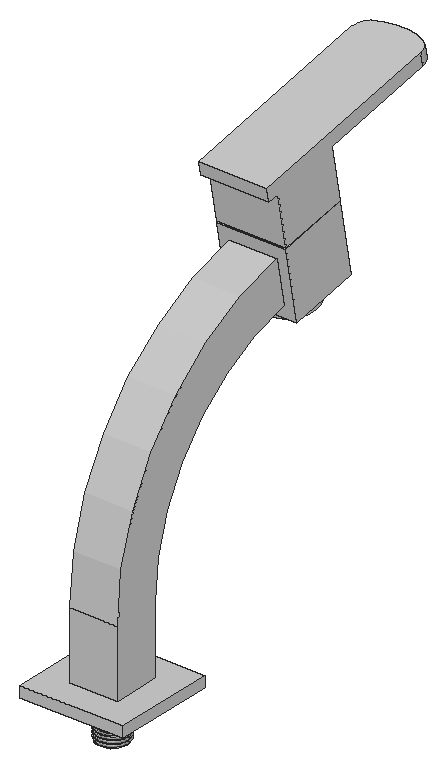
Revit family "SG0086973061CW", category Aparatos sanitarios, Revit 2019
Family settings
  Cota de conector redondo = Diámetro de uso
  Tipo de pieza = Normal
  Número OmniClass = 23.45.00.00
  Título OmniClass = Sanitary, Laundry, and Cleaning Equipment
  Se basa en plano de trabajo = No
  Siempre vertical = Sí
  Corte con vacíos al cargar = No
  Compartido = No
  Punto de cálculo de habitación = No
Parameters (values of type "LIVORNO LLAVE PARA LAVAMANOS MANILLA TOP")
  Ø sanitario = 15 mm
  _EDESA_Revisado = "Calidad.Planos@edesa.com.ec"
  _EDESA_ Tolerancia dimensional = ""
  _EDESA_ Tipo de instalación = "Sobre lavamanos"
  _EDESA_ Tipo = "simple"
  _EDESA_ Sku/código = "SG0086973061CW"
  _EDESA_ Profundidad en cm = "195"
  _EDESA_ Productos necesarios para instalación = "Desagüe 1 1/4\", Sifón 1 1/4\", Llave Angular y Manguera Flexible"
  _EDESA_ Productos incluídos = ""
  _EDESA_ Presión del agua recomendada = "60 psi"
  _EDESA_ Peso en kg = 0.00 kg
  _EDESA_ Nombre = "LIVORNO LLAVE PARA LAVAMANOS MANILLA TOP"
  _EDESA_ Materiales = "Latón"
  _EDESA_ Marca = "BRIGGS"
  _EDESA_ Manual de Instalación = "https://www.briggs.com.ec/productos/instructivos/Briggs/Griferia/Llave_agua_fria_lavamanos_generico.pdf"
  _EDESA_ Garantía = "De por vida para el cuerpo principal y acabado en cromo (306)"
  _EDESA_ Ficha Técnica = "https://www.briggs.com.ec/productos/fichastecnicaspdf/Briggs/Griferia/Livorno_llave_lavamanos_top.pdf"
  _EDESA_ Descripción = "Llave de lavamanos para agua fría. Instalación sobre lavamanos."
  _EDESA_ Cumple normativa ADA = "Cumple con norma NTE - INEN 3123 basada en la norma ASME 112.18.1 - 2012."
  _EDESA_ Contacto comercial = "(02) 395 2900"
  _EDESA_ Consumo/capacidad de agua en L = ""
  _EDESA_ Consumo de agua = "8.3 litros por minuto / 2.2 gpm a 60 psi"
  _EDESA_ Conexión hidráulica = "Entrada de agua: tubería ø 1/2\"- Salida de agua: tubería PVC 50"
  _EDESA_ Color = "cromo"
  _EDESA_ Certificación = "Cumple con norma NTE - INEN 3123 basada en la norma ASME 112.18.1 - 2012."
  _EDESA_ Categoría = "Productos > Grifería > Lavamanos"
  _EDESA_ BIM Manager = "Ing. Evelyn Gavilanez"
  _EDESA_ Autor BIM = "http://www1.veraquintana.net/_sitevq/"
  _EDESA_ Ancho en cm = 480 mm
  _EDESA_ Alto en cm = 197 mm
  Uniformat II Description = ""
  Omniclass Code = ""
  Cromo = Cromo
Reference planes
  plane 1 "Centro (Frontal/Posterior)": y = 0
  plane 2: z = 0
  plane 3 "Centro (Izquierda/Derecha)": x = 0
  plane 4 "x": y = 0
  plane 5 "y": x = 0
  plane 6: through (4267.2, 119.717, 333) normal (0, -0.342, 0.9397)
  plane 7: through (4267.2, 121.769, 327.362) normal (0, -0.342, 0.9397)
  plane 8: through (4267.2, 71.121, 179.405) normal (0, 0.9816, 0.1908)
  plane 9: through (4267.2, 174.054, 173.945) normal (0, -0.9816, -0.1908)
Forms (mm)
  Extrusion 1, solid, material "Cromo" <- "Cromo"
    sketch origin (0, 0, 0) x (1, 0, 0) y (0, 1, 0)
      loop
        line (-24, 24) -> (-24, -24) -> (24, -24) -> (24, 24) -> (-24, 24)
    from 0 to 5.021
  Extrusion 2, solid, material "Cromo" <- "Cromo"
    sketch origin (2, 103.088, 41.154) x (1, 0, 0) y (0, 0.190809, -0.981627)
      loop
        line (14, -116.028) -> (14, -82.028) -> (-18, -82.028) -> (-18, -116.028) -> (14, -116.028)
    from 0 to 32
  Extrusion 3, solid, material "Cromo" <- "Cromo"
    sketch origin (10.752, 132.193, 54.945) x (1, 0, 0) y (0, 0.190809, -0.981627)
      loop
        line (-26.672, -108.827) -> (-26.672, -137.827) -> (5.328, -137.827) -> (5.328, -108.827) -> (-26.672, -108.827)
    from -31.201 to 0.799
  Extrusion 4, solid, material "Cromo" <- "Cromo"
    sketch origin (1.6, 135.215, 43.584) x (1, 0, 0) y (0, 0.190809, -0.981627)
      loop
        line (-14.217, -119.773) -> (-14.217, -120.573) -> (12.092, -120.573) -> (12.092, -119.773) -> (-14.217, -119.773)
    from -31.584 to -0.799
  Extrusion 5, solid, material "Cromo" <- "Cromo"
    sketch origin (-10.919, 105.894, 190.239) x (-1, 0, 0) y (0, -0.981627, -0.190809)
      loop
        line (5, -55.152) -> (5, 36.201) -> (-27, 36.201) -> (-27, -55.148)
        arc (-27, -55.148) -> (-25.974, -58.71) -> (-23.212, -61.182) r 6.7
        arc (-23.212, -61.182) -> (-10.997, -63.975) -> (1.216, -61.18) r 28.1
        arc (1.216, -61.18) -> (3.976, -58.711) -> (5, -55.152) r 6.694
    from -4 to 2
  Extrusion 6, solid, material "Cromo" <- "Cromo"
    sketch origin (0, 0, 0) x (1, 0, 0) y (0, 1, 0)
      loop
        circle (0, 0) r 8
    from -5 to 0
  Extrusion 7, void
    sketch origin (0, 0, 0) x (1, 0, 0) y (0, 1, 0)
      loop
        line (-3.753, 6.5) -> (-7.506, 0) -> (-3.753, -6.5) -> (3.753, -6.5) -> (7.506, 0) -> (3.753, 6.5) -> (-3.753, 6.5)
      loop
        line (-5.233, 9.064) -> (-10.466, 0) -> (-5.233, -9.064) -> (5.233, -9.064) -> (10.466, 0) -> (5.233, 9.064) -> (-5.233, 9.064)
    from -5 to 0
  Revolve 8, solid, material "Cromo" <- "Cromo"
    sketch origin (0, 0, 0) x (1, 0, 0) y (0, 0, 1)
      loop
        line (0, -5) -> (-7.041, -5)
        arc (-7.041, -5) -> (-7.441, -5.4) -> (-7.041, -5.8) r 0.4
        line (-7.041, -5.8) -> (-7.041, -6.6)
        arc (-7.041, -6.6) -> (-7.441, -7) -> (-7.041, -7.4) r 0.4
        line (-7.041, -7.4) -> (-7.041, -8.2)
        arc (-7.041, -8.2) -> (-7.441, -8.6) -> (-7.041, -9) r 0.4
        line (-7.041, -9) -> (-7.041, -9.8)
        arc (-7.041, -9.8) -> (-7.441, -10.2) -> (-7.041, -10.6) r 0.4
        line (-7.041, -10.6) -> (-7.041, -11.4)
        arc (-7.041, -11.4) -> (-7.441, -11.8) -> (-7.041, -12.2) r 0.4
        line (-7.041, -12.2) -> (-7.041, -13)
        arc (-7.041, -13) -> (-7.441, -13.4) -> (-7.041, -13.8) r 0.4
        line (-7.041, -13.8) -> (-7.041, -14.6)
        arc (-7.041, -14.6) -> (-7.441, -15) -> (-7.041, -15.4) r 0.4
        line (-7.041, -15.4) -> (-7.041, -16.2)
        arc (-7.041, -16.2) -> (-7.441, -16.6) -> (-7.041, -17) r 0.4
        line (-7.041, -17) -> (-7.041, -17.8)
        arc (-7.041, -17.8) -> (-7.441, -18.2) -> (-7.041, -18.6) r 0.4
        line (-7.041, -18.6) -> (-7.041, -19.4) -> (0, -19.4) -> (0, -5)
      axis (0, -5) -> (0, -19.4)
    angle from 0 to 360
  Extrusion 9, solid, material "Cromo" <- "Cromo"
    sketch origin (0.017, 101.355, 119.083) x (-1, 0, 0) y (0, 0.981627, 0.190809)
      loop
        circle (-0.809, 4.023) r 0.8
    from 0 to 0.2
  Extrusion 10, solid, material "Cromo" <- "Cromo"
    sketch origin (0.017, 101.355, 119.083) x (-1, 0, 0) y (0, 0.981627, 0.190809)
      loop
        circle (0.143, 2.348) r 0.8
    from 0 to 0.2
  Extrusion 11, solid, material "Cromo" <- "Cromo"
    sketch origin (0.017, 101.355, 119.083) x (-1, 0, 0) y (0, 0.981627, 0.190809)
      loop
        circle (-2.736, 2.928) r 0.8
    from 0 to 0.2
  Extrusion 12, solid, material "Cromo" <- "Cromo"
    sketch origin (0.017, 101.355, 119.083) x (-1, 0, 0) y (0, 0.981627, 0.190809)
      loop
        circle (-1.784, 1.253) r 0.8
    from 0 to 0.2
  Extrusion 13, solid, material "Cromo" <- "Cromo"
    sketch origin (0.017, 101.355, 119.083) x (-1, 0, 0) y (0, 0.981627, 0.190809)
      loop
        circle (-4.639, 1.846) r 0.8
    from 0 to 0.2
  Extrusion 14, solid, material "Cromo" <- "Cromo"
    sketch origin (0.017, 101.355, 119.083) x (-1, 0, 0) y (0, 0.981627, 0.190809)
      loop
        circle (-3.687, 0.171) r 0.8
    from 0 to 0.2
  Extrusion 15, solid, material "Cromo" <- "Cromo"
    sketch origin (0.017, 101.355, 119.083) x (-1, 0, 0) y (0, 0.981627, 0.190809)
      loop
        circle (-6.433, 0.827) r 0.8
    from 0 to 0.2
  Extrusion 16, solid, material "Cromo" <- "Cromo"
    sketch origin (0.017, 101.355, 119.083) x (-1, 0, 0) y (0, 0.981627, 0.190809)
      loop
        circle (-5.481, -0.848) r 0.8
    from 0 to 0.2
  Extrusion 17, solid, material "Cromo" <- "Cromo"
    sketch origin (0.017, 101.355, 119.083) x (-1, 0, 0) y (0, 0.981627, 0.190809)
      loop
        circle (-8.263, -0.213) r 0.8
    from 0 to 0.2
  Extrusion 18, solid, material "Cromo" <- "Cromo"
    sketch origin (0.017, 101.355, 119.083) x (-1, 0, 0) y (0, 0.981627, 0.190809)
      loop
        circle (-7.311, -1.888) r 0.8
    from 0 to 0.2
  Extrusion 19, solid, material "Cromo" <- "Cromo"
    sketch origin (0.017, 101.355, 119.083) x (-1, 0, 0) y (0, 0.981627, 0.190809)
      loop
        circle (1.071, 5.092) r 0.8
    from 0 to 0.2
  Extrusion 20, solid, material "Cromo" <- "Cromo"
    sketch origin (0.017, 101.355, 119.083) x (-1, 0, 0) y (0, 0.981627, 0.190809)
      loop
        circle (2.023, 3.417) r 0.8
    from 0 to 0.2
  Extrusion 21, solid, material "Cromo" <- "Cromo"
    sketch origin (0.017, 101.355, 119.083) x (-1, 0, 0) y (0, 0.981627, 0.190809)
      loop
        circle (2.975, 6.174) r 0.8
    from 0 to 0.2
  Extrusion 22, solid, material "Cromo" <- "Cromo"
    sketch origin (0.017, 101.355, 119.083) x (-1, 0, 0) y (0, 0.981627, 0.190809)
      loop
        circle (3.927, 4.499) r 0.8
    from 0 to 0.2
  Extrusion 23, solid, material "Cromo" <- "Cromo"
    sketch origin (0.017, 101.355, 119.083) x (-1, 0, 0) y (0, 0.981627, 0.190809)
      loop
        circle (4.842, 7.235) r 0.8
    from 0 to 0.2
  Extrusion 24, solid, material "Cromo" <- "Cromo"
    sketch origin (0.017, 101.355, 119.083) x (-1, 0, 0) y (0, 0.981627, 0.190809)
      loop
        circle (5.794, 5.56) r 0.8
    from 0 to 0.2
  Extrusion 25, solid, material "Cromo" <- "Cromo"
    sketch origin (0.017, 101.355, 119.083) x (-1, 0, 0) y (0, 0.981627, 0.190809)
      loop
        circle (6.745, 8.317) r 0.8
    from 0 to 0.2
  Extrusion 26, solid, material "Cromo" <- "Cromo"
    sketch origin (0.017, 101.355, 119.083) x (-1, 0, 0) y (0, 0.981627, 0.190809)
      loop
        circle (7.697, 6.642) r 0.8
    from 0 to 0.2
  Extrusion 27, solid, material "Cromo" <- "Cromo"
    sketch origin (0.017, 101.355, 119.083) x (-1, 0, 0) y (0, 0.981627, 0.190809)
      loop
        circle (-2.731, 7.405) r 0.8
    from 0 to 0.2
  Extrusion 28, solid, material "Cromo" <- "Cromo"
    sketch origin (0.017, 101.355, 119.083) x (-1, 0, 0) y (0, 0.981627, 0.190809)
      loop
        circle (-1.779, 5.729) r 0.8
    from 0 to 0.2
  Extrusion 29, solid, material "Cromo" <- "Cromo"
    sketch origin (0.017, 101.355, 119.083) x (-1, 0, 0) y (0, 0.981627, 0.190809)
      loop
        circle (-4.657, 6.31) r 0.8
    from 0 to 0.2
  Extrusion 30, solid, material "Cromo" <- "Cromo"
    sketch origin (0.017, 101.355, 119.083) x (-1, 0, 0) y (0, 0.981627, 0.190809)
      loop
        circle (-3.705, 4.635) r 0.8
    from 0 to 0.2
  Extrusion 31, solid, material "Cromo" <- "Cromo"
    sketch origin (0.017, 101.355, 119.083) x (-1, 0, 0) y (0, 0.981627, 0.190809)
      loop
        circle (-6.561, 5.228) r 0.8
    from 0 to 0.2
  Extrusion 32, solid, material "Cromo" <- "Cromo"
    sketch origin (0.017, 101.355, 119.083) x (-1, 0, 0) y (0, 0.981627, 0.190809)
      loop
        circle (-5.609, 3.553) r 0.8
    from 0 to 0.2
  Extrusion 33, solid, material "Cromo" <- "Cromo"
    sketch origin (0.017, 101.355, 119.083) x (-1, 0, 0) y (0, 0.981627, 0.190809)
      loop
        circle (-8.355, 4.208) r 0.8
    from 0 to 0.2
  Extrusion 34, solid, material "Cromo" <- "Cromo"
    sketch origin (0.017, 101.355, 119.083) x (-1, 0, 0) y (0, 0.981627, 0.190809)
      loop
        circle (-7.403, 2.533) r 0.8
    from 0 to 0.2
  Extrusion 35, solid, material "Cromo" <- "Cromo"
    sketch origin (0.017, 101.355, 119.083) x (-1, 0, 0) y (0, 0.981627, 0.190809)
      loop
        circle (-9.913, 3.323) r 0.8
    from 0 to 0.2
  Extrusion 36, solid, material "Cromo" <- "Cromo"
    sketch origin (0.017, 101.355, 119.083) x (-1, 0, 0) y (0, 0.981627, 0.190809)
      loop
        circle (-9.233, 1.493) r 0.8
    from 0 to 0.2
  Extrusion 37, solid, material "Cromo" <- "Cromo"
    sketch origin (0.017, 101.355, 119.083) x (-1, 0, 0) y (0, 0.981627, 0.190809)
      loop
        circle (-0.85, 8.473) r 0.8
    from 0 to 0.2
  Extrusion 38, solid, material "Cromo" <- "Cromo"
    sketch origin (0.017, 101.355, 119.083) x (-1, 0, 0) y (0, 0.981627, 0.190809)
      loop
        circle (0.102, 6.798) r 0.8
    from 0 to 0.2
  Extrusion 39, solid, material "Cromo" <- "Cromo"
    sketch origin (0.017, 101.355, 119.083) x (-1, 0, 0) y (0, 0.981627, 0.190809)
      loop
        circle (1.053, 9.555) r 0.8
    from 0 to 0.2
  Extrusion 40, solid, material "Cromo" <- "Cromo"
    sketch origin (0.017, 101.355, 119.083) x (-1, 0, 0) y (0, 0.981627, 0.190809)
      loop
        circle (2.005, 7.88) r 0.8
    from 0 to 0.2
  Extrusion 41, solid, material "Cromo" <- "Cromo"
    sketch origin (0.017, 101.355, 119.083) x (-1, 0, 0) y (0, 0.981627, 0.190809)
      loop
        circle (2.92, 10.616) r 0.8
    from 0 to 0.2
  Extrusion 42, solid, material "Cromo" <- "Cromo"
    sketch origin (0.017, 101.355, 119.083) x (-1, 0, 0) y (0, 0.981627, 0.190809)
      loop
        circle (3.872, 8.941) r 0.8
    from 0 to 0.2
  Extrusion 43, solid, material "Cromo" <- "Cromo"
    sketch origin (0.017, 101.355, 119.083) x (-1, 0, 0) y (0, 0.981627, 0.190809)
      loop
        circle (4.552, 11.544) r 0.8
    from 0 to 0.2
  Extrusion 44, solid, material "Cromo" <- "Cromo"
    sketch origin (0.017, 101.355, 119.083) x (-1, 0, 0) y (0, 0.981627, 0.190809)
      loop
        circle (5.776, 10.023) r 0.8
    from 0 to 0.2
  Extrusion 45, solid, material "Cromo" <- "Cromo"
    sketch origin (0.017, 101.355, 119.083) x (-1, 0, 0) y (0, 0.981627, 0.190809)
      loop
        circle (-4.635, 10.755) r 0.8
    from 0 to 0.2
  Extrusion 46, solid, material "Cromo" <- "Cromo"
    sketch origin (0.017, 101.355, 119.083) x (-1, 0, 0) y (0, 0.981627, 0.190809)
      loop
        circle (-3.683, 9.08) r 0.8
    from 0 to 0.2
  Extrusion 47, solid, material "Cromo" <- "Cromo"
    sketch origin (0.017, 101.355, 119.083) x (-1, 0, 0) y (0, 0.981627, 0.190809)
      loop
        circle (-6.561, 9.66) r 0.8
    from 0 to 0.2
  Extrusion 48, solid, material "Cromo" <- "Cromo"
    sketch origin (0.017, 101.355, 119.083) x (-1, 0, 0) y (0, 0.981627, 0.190809)
      loop
        circle (-5.609, 7.985) r 0.8
    from 0 to 0.2
  Extrusion 49, solid, material "Cromo" <- "Cromo"
    sketch origin (0.017, 101.355, 119.083) x (-1, 0, 0) y (0, 0.981627, 0.190809)
      loop
        circle (-7.513, 6.903) r 0.8
    from 0 to 0.2
  Extrusion 50, solid, material "Cromo" <- "Cromo"
    sketch origin (0.017, 101.355, 119.083) x (-1, 0, 0) y (0, 0.981627, 0.190809)
      loop
        circle (-2.754, 11.824) r 0.8
    from 0 to 0.2
  Extrusion 51, solid, material "Cromo" <- "Cromo"
    sketch origin (0.017, 101.355, 119.083) x (-1, 0, 0) y (0, 0.981627, 0.190809)
      loop
        circle (-1.802, 10.148) r 0.8
    from 0 to 0.2
  Extrusion 52, solid, material "Cromo" <- "Cromo"
    sketch origin (0.017, 101.355, 119.083) x (-1, 0, 0) y (0, 0.981627, 0.190809)
      loop
        circle (0.101, 11.23) r 0.8
    from 0 to 0.2
  Extrusion 53, solid, material "Cromo" <- "Cromo"
    sketch origin (0.017, 101.355, 119.083) x (-1, 0, 0) y (0, 0.981627, 0.190809)
      loop
        circle (1.968, 12.291) r 0.8
    from 0 to 0.2
  Extrusion 54, solid, material "Cromo" <- "Cromo"
    sketch origin (0.017, 101.355, 119.083) x (-1, 0, 0) y (0, 0.981627, 0.190809)
      loop
        circle (-9.307, 5.883) r 0.8
    from 0 to 0.2
  Extrusion 55, solid, material "Cromo" <- "Cromo"
    sketch origin (0.017, 101.355, 119.083) x (-1, 0, 0) y (0, 0.981627, 0.190809)
      loop
        circle (-1.305, 12.647) r 0.8
    from 0 to 0.2
  Extrusion 56, solid, material "Cromo" <- "Cromo"
    sketch origin (0.017, 101.355, 119.083) x (-1, 0, 0) y (0, 0.981627, 0.190809)
      loop
        circle (-8.135, 8.765) r 0.8
    from 0 to 0.2
  Extrusion 57, solid, material "Cromo" <- "Cromo"
    sketch origin (0.017, 101.355, 119.083) x (-1, 0, 0) y (0, 0.981627, 0.190809)
      loop
        circle (1.06, 0.735) r 0.8
    from 0 to 0.2
  Extrusion 58, solid, material "Cromo" <- "Cromo"
    sketch origin (0.017, 101.355, 119.083) x (-1, 0, 0) y (0, 0.981627, 0.190809)
      loop
        circle (-0.867, -0.36) r 0.8
    from 0 to 0.2
  Extrusion 59, solid, material "Cromo" <- "Cromo"
    sketch origin (0.017, 101.355, 119.083) x (-1, 0, 0) y (0, 0.981627, 0.190809)
      loop
        circle (-2.77, -1.442) r 0.8
    from 0 to 0.2
  Extrusion 60, solid, material "Cromo" <- "Cromo"
    sketch origin (0.017, 101.355, 119.083) x (-1, 0, 0) y (0, 0.981627, 0.190809)
      loop
        circle (-4.564, -2.462) r 0.8
    from 0 to 0.2
  Extrusion 61, solid, material "Cromo" <- "Cromo"
    sketch origin (0.017, 101.355, 119.083) x (-1, 0, 0) y (0, 0.981627, 0.190809)
      loop
        circle (-6.394, -3.502) r 0.8
    from 0 to 0.2
  Extrusion 62, solid, material "Cromo" <- "Cromo"
    sketch origin (0.017, 101.355, 119.083) x (-1, 0, 0) y (0, 0.981627, 0.190809)
      loop
        circle (2.94, 1.803) r 0.8
    from 0 to 0.2
  Extrusion 63, solid, material "Cromo" <- "Cromo"
    sketch origin (0.017, 101.355, 119.083) x (-1, 0, 0) y (0, 0.981627, 0.190809)
      loop
        circle (4.844, 2.885) r 0.8
    from 0 to 0.2
  Extrusion 64, solid, material "Cromo" <- "Cromo"
    sketch origin (0.017, 101.355, 119.083) x (-1, 0, 0) y (0, 0.981627, 0.190809)
      loop
        circle (6.711, 3.946) r 0.8
    from 0 to 0.2
  Extrusion 65, solid, material "Cromo" <- "Cromo"
    sketch origin (0.017, 101.048, 119.024) x (-1, 0, 0) y (0, 0.981627, 0.190809)
      loop
        circle (8.614, 5.028) r 0.8
    from 0 to 0.2
  Extrusion 66, solid, material "Cromo" <- "Cromo"
    sketch origin (0.017, 101.355, 119.083) x (-1, 0, 0) y (0, 0.981627, 0.190809)
      loop
        circle (1.994, -0.908) r 0.8
    from 0 to 0.2
  Extrusion 67, solid, material "Cromo" <- "Cromo"
    sketch origin (0.017, 101.355, 119.083) x (-1, 0, 0) y (0, 0.981627, 0.190809)
      loop
        circle (0.067, -2.003) r 0.8
    from 0 to 0.2
  Extrusion 68, solid, material "Cromo" <- "Cromo"
    sketch origin (0.017, 101.355, 119.083) x (-1, 0, 0) y (0, 0.981627, 0.190809)
      loop
        circle (-1.836, -3.085) r 0.8
    from 0 to 0.2
  Extrusion 69, solid, material "Cromo" <- "Cromo"
    sketch origin (0.017, 101.355, 119.083) x (-1, 0, 0) y (0, 0.981627, 0.190809)
      loop
        circle (-3.63, -4.105) r 0.8
    from 0 to 0.2
  Extrusion 70, solid, material "Cromo" <- "Cromo"
    sketch origin (0.017, 101.355, 119.083) x (-1, 0, 0) y (0, 0.981627, 0.190809)
      loop
        circle (3.874, 0.16) r 0.8
    from 0 to 0.2
  Extrusion 71, solid, material "Cromo" <- "Cromo"
    sketch origin (0.017, 101.355, 119.083) x (-1, 0, 0) y (0, 0.981627, 0.190809)
      loop
        circle (5.778, 1.242) r 0.8
    from 0 to 0.2
  Extrusion 72, solid, material "Cromo" <- "Cromo"
    sketch origin (0.017, 101.355, 119.083) x (-1, 0, 0) y (0, 0.981627, 0.190809)
      loop
        circle (7.645, 2.303) r 0.8
    from 0 to 0.2
  Extrusion 73, solid, material "Cromo" <- "Cromo"
    sketch origin (0.017, 101.355, 119.083) x (-1, 0, 0) y (0, 0.981627, 0.190809)
      loop
        circle (2.981, -2.646) r 0.8
    from 0 to 0.2
  Extrusion 74, solid, material "Cromo" <- "Cromo"
    sketch origin (0.017, 101.355, 119.083) x (-1, 0, 0) y (0, 0.981627, 0.190809)
      loop
        circle (1.055, -3.741) r 0.8
    from 0 to 0.2
  Extrusion 75, solid, material "Cromo" <- "Cromo"
    sketch origin (0.017, 101.355, 119.083) x (-1, 0, 0) y (0, 0.981627, 0.190809)
      loop
        circle (-0.849, -4.823) r 0.8
    from 0 to 0.2
  Extrusion 76, solid, material "Cromo" <- "Cromo"
    sketch origin (0.017, 101.355, 119.083) x (-1, 0, 0) y (0, 0.981627, 0.190809)
      loop
        circle (4.862, -1.578) r 0.8
    from 0 to 0.2
  Extrusion 77, solid, material "Cromo" <- "Cromo"
    sketch origin (0.017, 101.355, 119.083) x (-1, 0, 0) y (0, 0.981627, 0.190809)
      loop
        circle (6.765, -0.496) r 0.8
    from 0 to 0.2
  Extrusion 78, solid, material "Cromo" <- "Cromo"
    sketch origin (0.017, 101.355, 119.083) x (-1, 0, 0) y (0, 0.981627, 0.190809)
      loop
        circle (4.053, -4.532) r 0.8
    from 0 to 0.2
  Extrusion 79, solid, material "Cromo" <- "Cromo"
    sketch origin (0.017, 101.355, 119.083) x (-1, 0, 0) y (0, 0.981627, 0.190809)
      loop
        circle (2.126, -5.626) r 0.8
    from 0 to 0.2
  Extrusion 80, solid, material "Cromo" <- "Cromo"
    sketch origin (0.017, 101.355, 119.083) x (-1, 0, 0) y (0, 0.981627, 0.190809)
      loop
        circle (5.933, -3.463) r 0.8
    from 0 to 0.2
  Sweep 81, solid, material "Cromo" <- "Cromo"
    path origin (0, 0, 0) x (0, 1, 0) y (0, 0, 1)
      loop
        line (0.037, 4.947) -> (0.037, 36.274)
        arc (0.037, 36.274) -> (23.788, 102.426) -> (84.193, 138.363) r 104
    profile origin (0, 0.037, 20.61) x (0, -1, 0) y (1, 0, 0)
      loop
        line (-11, -11) -> (11, -11) -> (11, 11) -> (-11, 11) -> (-11, -11)
  Extrusion 82, void
    sketch origin (-4.715, 132.784, 56.088) x (1, 0, 0) y (0, 0.190809, -0.981627)
      loop
        circle (5.328, -121.327) r 1
    from -1.436 to 15.112
  Revolve 83, solid, material "Cromo" <- "Cromo"
    sketch origin (0, 0, 0) x (0, 1, 0) y (0, 0, 1)
      loop
        line (103.142, 124.728) -> (104.135, 119.624) -> (115.129, 121.761) -> (115.282, 120.975) -> (116.067, 121.128) -> (114.922, 127.018) -> (103.142, 124.728)
      axis (103.142, 124.728) -> (104.287, 118.838)
    angle from 0 to 360
  Extrusion 84, solid, material "Cromo" <- "Cromo"
    sketch origin (-2.146, 101.355, 119.083) x (-1, 0, 0) y (0, 0.981627, 0.190809)
      loop
        circle (7.645, 2.303) r 0.8
    from 0 to 0.2
  Extrusion 85, solid, material "Cromo" <- "Cromo"
    sketch origin (-1.165, 98.708, 118.569) x (-1, 0, 0) y (0, 0.981627, 0.190809)
      loop
        circle (7.645, 2.303) r 0.8
    from 0 to 0.2
  Extrusion 86, solid, material "Cromo" <- "Cromo"
    sketch origin (-0.216, 96.148, 118.071) x (-1, 0, 0) y (0, 0.981627, 0.190809)
      loop
        circle (7.645, 2.303) r 0.8
    from 0 to 0.2
  Extrusion 87, solid, material "Cromo" <- "Cromo"
    sketch origin (7.311, 92.545, 117.371) x (-1, 0, 0) y (0, 0.981627, 0.190809)
      loop
        circle (7.645, 2.303) r 0.8
    from 0 to 0.2
  Extrusion 88, solid, material "Cromo" <- "Cromo"
    sketch origin (3.852, 92.837, 117.428) x (-1, 0, 0) y (0, 0.981627, 0.190809)
      loop
        circle (7.645, 2.303) r 0.8
    from 0 to 0.2
  Extrusion 89, solid, material "Cromo" <- "Cromo"
    sketch origin (10.34, 93.143, 117.487) x (-1, 0, 0) y (0, 0.981627, 0.190809)
      loop
        circle (7.645, 2.303) r 0.8
    from 0 to 0.2
  Extrusion 90, solid, material "Cromo" <- "Cromo"
    sketch origin (12.823, 93.797, 117.614) x (-1, 0, 0) y (0, 0.981627, 0.190809)
      loop
        circle (7.645, 2.303) r 0.8
    from 0 to 0.2
  Extrusion 91, solid, material "Cromo" <- "Cromo"
    sketch origin (-0.922, 103.024, 119.408) x (-1, 0, 0) y (0, 0.981627, 0.190809)
      loop
        circle (7.697, 6.642) r 0.8
    from 0 to 0.2
  Extrusion 92, solid, material "Cromo" <- "Cromo"
    sketch origin (-0.956, 103.096, 119.422) x (-1, 0, 0) y (0, 0.981627, 0.190809)
      loop
        circle (8.614, 5.028) r 0.8
    from 0 to 0.2
Cuts and joins
  Extrusion 82 cuts Extrusion 3
  joined: Extrusion 3, Extrusion 5
  Extrusion 7 cuts Extrusion 6
Dimensions and locks
  aligned and locked: level to plane 2
Connectors
  piping at (0, 0, -19.4), diameter 15, driven by "Ø sanitario"
    settings: on Revolve 8, index 1, connector inside diameter 609.6 mm, connector length 0 mm, flow factor 0, pipe flow 0.0 L/s, pressure drop 0.0 Pa, fitting loss kfactor 0, connector angle 0.00°, fixture units 0, engagement length 0 mm, angle of deflection 0.00°, flow configuration 0, flow direction 1, fitting loss method 0, system type 19, joint type 0, gender type 0, connector reference index -1, connector utility 0, adjustable connector no, is connector primary yes, connector description ""
